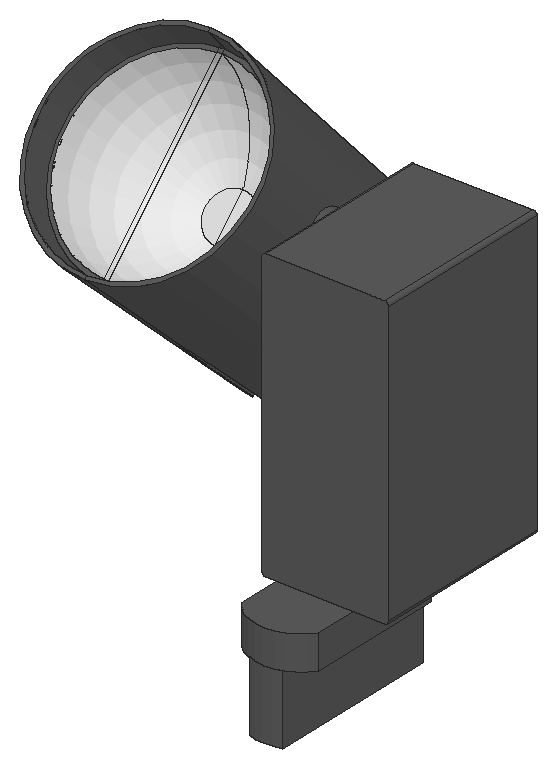
Revit family "0004898 Feilo Sylvania Lighting Fixture START TRACK SPOT S 24W 4K RA90 NB BLACK", category Lighting Fixtures, host Face, Revit 2017 (continued)
Definition of nested family "Start Track Spot Head"
  Types (96, lengths in mm): name | Wattage | built-in parameter 1150134 | Photometric Web File | Model | built-in parameter 1150105 | Lumens | built-in parameter 1150107 | built-in parameter 1150106 | HeadThickness_FEILO | HeadRibOffset_FEILO | HeadRibDepth_FEILO | HeadRibCutWidth_FEILO | HeadRibCutOffset_FEILO | HeadReflectorRadius_FEILO | HeadReflectorOffset_FEILO | HeadLEDRadius_FEILO | HeadHeight_FEILO | HeadDiffusorOffset_FEILO | HeadDiaOut_FEILO | HeadDiaIn_FEILO | HeadAxisFromTop_FEILO | Emit from Circle Diameter | built-in parameter 1150104 | Description | Apparent Load
    0004864 START TRACK SPOT S 24W 3K RA90 WB WHITE | 24 W | (empty or 0) | "0004864.ies" | "START TRACK SPOT S 24W 3K RA90 WB WHITE" | 152.79 (stored number, unit not read) | 1920 lm | 3000 (stored number, unit not read) | 1.5279 (stored number, unit not read) | 1.5 | 4.179 | 55.714 | 7.167 | 50.87 | 50.588 | 55.714 | 9.556 | 117 | 9.435 | 86 | 77.477 | 69.354 | 77.477 | 7.4322 (stored number, unit not read) | "Integrated LED spotlight, Textured White - RAL9016, compact and minimalist design, ideal for retail applications, die-cast aluminium body, passive cooling heatsink. Beam angle: 64°, color temperature: 3000K , total system power: 24W, total fixture output: 1928 lm, LOR: 100%, colour rendering: Ra: 90 typical, LED Chromaticity: 3 step MacAdam ellipse, lifetime: >50000 hours at L70B50, energy class: A++, A+, A, IR/UV free light source without heat radiation, operating voltage: 220-240V / 50-60Hz, drive current: 600mA, electronic driver, non-dimmable, power factor: 0.95, electrical protection: Class II, Global Track 3 Phase adapter suitable for Global trac 3-circuit tracks, ingress protection rating: IP20, suitable for internal environment only, horizontal rotation: 355°, vertical tilt: 90°, dimensions: Ø86x140x200, weight: 0.966kg." | 24 VA
    0004863 START TRACK SPOT S 24W 3K RA90 MB WHITE | 24 W | (empty or 0) | "0004863.ies" | "START TRACK SPOT S 24W 3K RA90 MB WHITE" | 154.7 (stored number, unit not read) | 1944 lm | 3000 (stored number, unit not read) | 1.547 (stored number, unit not read) | 1.5 | 4.179 | 55.714 | 7.167 | 50.87 | 50.588 | 55.714 | 9.556 | 117 | 9.435 | 86 | 77.477 | 69.354 | 77.477 | 7.5251 (stored number, unit not read) | "Integrated LED spotlight, Textured White - RAL9016, compact and minimalist design, ideal for retail applications, die-cast aluminium body, passive cooling heatsink. Beam angle: 36°, color temperature: 3000K , total system power: 24W, total fixture output: 1944 lm, LOR: 100%, colour rendering: Ra: 90 typical, LED Chromaticity: 3 step MacAdam ellipse, lifetime: >50000 hours at L70B50, energy class: A++, A+, A, IR/UV free light source without heat radiation, operating voltage: 220-240V / 50-60Hz, drive current: 600mA, electronic driver, non-dimmable, power factor: 0.95, electrical protection: Class II, Global Track 3 Phase adapter suitable for Global trac 3-circuit tracks, ingress protection rating: IP20, suitable for internal environment only, horizontal rotation: 355°, vertical tilt: 90°, dimensions: Ø86x140x200, weight: 0.966kg." | 24 VA
    0004862 START TRACK SPOT S 24W 3K RA90 NB WHITE | 24 W | (empty or 0) | "0004862.ies" | "START TRACK SPOT S 24W 3K RA90 NB WHITE" | 158.52 (stored number, unit not read) | 1992 lm | 3000 (stored number, unit not read) | 1.5852 (stored number, unit not read) | 1.5 | 4.179 | 55.714 | 7.167 | 50.87 | 50.588 | 55.714 | 9.556 | 117 | 9.435 | 86 | 77.477 | 69.354 | 77.477 | 7.711 (stored number, unit not read) | "Integrated LED spotlight, Textured White - RAL9016, compact and minimalist design, ideal for retail applications, die-cast aluminium body, passive cooling heatsink. Beam angle: 12°, color temperature: 3000K , total system power: 24W, total fixture output: 1987 lm, LOR: 100%, colour rendering: Ra: 90 typical, LED Chromaticity: 3 step MacAdam ellipse, lifetime: >50000 hours at L70B50, energy class: A++, A+, A, IR/UV free light source without heat radiation, operating voltage: 220-240V / 50-60Hz, drive current: 600mA, electronic driver, non-dimmable, power factor: 0.95, electrical protection: Class II, Global Track 3 Phase adapter suitable for Global trac 3-circuit tracks, ingress protection rating: IP20, suitable for internal environment only, horizontal rotation: 355°, vertical tilt: 90°, dimensions: Ø86x140x200, weight: 0.966kg." | 24 VA
    0004861 START TRACK SPOT S 14W 3K RA90 WB WHITE | 14 W | (empty or 0) | "0004861.ies" | "START TRACK SPOT S 14W 3K RA90 WB WHITE" | 100.27 (stored number, unit not read) | 1260 lm | 3000 (stored number, unit not read) | 1.0027 (stored number, unit not read) | 1.5 | 4.179 | 55.714 | 7.167 | 50.87 | 50.588 | 55.714 | 9.556 | 117 | 9.435 | 86 | 77.477 | 69.354 | 77.477 | 8.3613 (stored number, unit not read) | "Integrated LED spotlight, Textured White - RAL9016, compact and minimalist design, ideal for retail applications, die-cast aluminium body, passive cooling heatsink. Beam angle: 64°, color temperature: 3000K , total system power: 14W, total fixture output: 1262 lm, LOR: 100%, colour rendering: Ra: 90 typical, LED Chromaticity: 3 step MacAdam ellipse, lifetime: >50000 hours at L70B50, energy class: A++, A+, A, IR/UV free light source without heat radiation, operating voltage: 220-240V / 50-60Hz, drive current: 350mA, electronic driver, non-dimmable, power factor: 0.92, electrical protection: Class II, Global Track 3 Phase adapter suitable for Global trac 3-circuit tracks, ingress protection rating: IP20, suitable for internal environment only, horizontal rotation: 355°, vertical tilt: 90°, dimensions: Ø86x140x200, weight: 0.940kg." | 14 VA
    0004860 START TRACK SPOT S 14W 3K RA90 MB WHITE | 14 W | (empty or 0) | "0004860.ies" | "START TRACK SPOT S 14W 3K RA90 MB WHITE" | 100.27 (stored number, unit not read) | 1260 lm | 3000 (stored number, unit not read) | 1.0027 (stored number, unit not read) | 1.5 | 4.179 | 55.714 | 7.167 | 50.87 | 50.588 | 55.714 | 9.556 | 117 | 9.435 | 86 | 77.477 | 69.354 | 77.477 | 8.3613 (stored number, unit not read) | "Integrated LED spotlight, Textured White - RAL9016, compact and minimalist design, ideal for retail applications, die-cast aluminium body, passive cooling heatsink. Beam angle: 36°, color temperature: 3000K , total system power: 14W, total fixture output: 1262 lm, LOR: 100%, colour rendering: Ra: 90 typical, LED Chromaticity: 3 step MacAdam ellipse, lifetime: >50000 hours at L70B50, energy class: A++, A+, A, IR/UV free light source without heat radiation, operating voltage: 220-240V / 50-60Hz, drive current: 350mA, electronic driver, non-dimmable, power factor: 0.92, electrical protection: Class II, Global Track 3 Phase adapter suitable for Global trac 3-circuit tracks, ingress protection rating: IP20, suitable for internal environment only, horizontal rotation: 355°, vertical tilt: 90°, dimensions: Ø86x140x200, weight: 0.940kg." | 14 VA
    0004859 START TRACK SPOT S 14W 3K RA90 NB WHITE | 14 W | (empty or 0) | "0004859.ies" | "START TRACK SPOT S 14W 3K RA90 NB WHITE" | 102.5 (stored number, unit not read) | 1288 lm | 3000 (stored number, unit not read) | 1.025 (stored number, unit not read) | 1.5 | 4.179 | 55.714 | 7.167 | 50.87 | 50.588 | 55.714 | 9.556 | 117 | 9.435 | 86 | 77.477 | 69.354 | 77.477 | 8.5471 (stored number, unit not read) | "Integrated LED spotlight, Textured White - RAL9016, compact and minimalist design, ideal for retail applications, die-cast aluminium body, passive cooling heatsink. Beam angle: 12°, color temperature: 3000K , total system power: 14W, total fixture output: 1284 lm, LOR: 100%, colour rendering: Ra: 90 typical, LED Chromaticity: 3 step MacAdam ellipse, lifetime: >50000 hours at L70B50, energy class: A++, A+, A, IR/UV free light source without heat radiation, operating voltage: 220-240V / 50-60Hz, drive current: 350mA, electronic driver, non-dimmable, power factor: 0.92, electrical protection: Class II, Global Track 3 Phase adapter suitable for Global trac 3-circuit tracks, ingress protection rating: IP20, suitable for internal environment only, horizontal rotation: 355°, vertical tilt: 90°, dimensions: Ø86x140x200, weight: 0.940kg." | 14 VA
    0004858 START TRACK SPOT L 55W 4K RA80 WB BLACK | 55 W | 12 | "0004858.ies" | "START TRACK SPOT L 55W 4K RA80 WB BLACK" | 424.55 (stored number, unit not read) | 5335 lm | 4000 (stored number, unit not read) | 4.2455 (stored number, unit not read) | 2 | 4.429 | 59.048 | 9.417 | 53.913 | 66.471 | 59.048 | 12.556 | 124 | 10 | 113 | 101.802 | 73.503 | 101.802 | 9.0116 (stored number, unit not read) | "Integrated LED spotlight, Textured Black - RAL9005, compact and minimalist design, ideal for retail applications, die-cast aluminium body, passive cooling heatsink. Beam angle: 52°, color temperature: 4000K , total system power: 55W, total fixture output: 5320 lm, LOR: 100%, colour rendering: Ra: 80 typical, LED Chromaticity: 3 step MacAdam ellipse, lifetime: >50000 hours at L70B50, energy class: A++, A+, A, IR/UV free light source without heat radiation, operating voltage: 220-240V / 50-60Hz, drive current: 1400mA, electronic driver, non-dimmable, power factor: 0.96, electrical protection: Class II, Global Track 3 Phase adapter suitable for Global trac 3-circuit tracks, ingress protection rating: IP20, suitable for internal environment only, horizontal rotation: 355°, vertical tilt: 90°, dimensions: Ø113x164x240, weight: 1.398kg." | 55 VA
    0004857 START TRACK SPOT L 55W 4K RA80 MB BLACK | 55 W | 12 | "0004857.ies" | "START TRACK SPOT L 55W 4K RA80 MB BLACK" | 428.92 (stored number, unit not read) | 5390 lm | 4000 (stored number, unit not read) | 4.2892 (stored number, unit not read) | 2 | 4.429 | 59.048 | 9.417 | 53.913 | 66.471 | 59.048 | 12.556 | 124 | 10 | 113 | 101.802 | 73.503 | 101.802 | 9.1045 (stored number, unit not read) | "Integrated LED spotlight, Textured Black - RAL9005, compact and minimalist design, ideal for retail applications, die-cast aluminium body, passive cooling heatsink. Beam angle: 38°, color temperature: 4000K , total system power: 55W, total fixture output: 5378 lm, LOR: 100%, colour rendering: Ra: 80 typical, LED Chromaticity: 3 step MacAdam ellipse, lifetime: >50000 hours at L70B50, energy class: A++, A+, A, IR/UV free light source without heat radiation, operating voltage: 220-240V / 50-60Hz, drive current: 1400mA, electronic driver, non-dimmable, power factor: 0.96, electrical protection: Class II, Global Track 3 Phase adapter suitable for Global trac 3-circuit tracks, ingress protection rating: IP20, suitable for internal environment only, horizontal rotation: 355°, vertical tilt: 90°, dimensions: Ø113x164x240, weight: 1.398kg." | 55 VA
    0004856 START TRACK SPOT L 55W 4K RA80 NB BLACK | 55 W | 12 | "0004856.ies" | "START TRACK SPOT L 55W 4K RA80 NB BLACK" | 433.3 (stored number, unit not read) | 5445 lm | 4000 (stored number, unit not read) | 4.333 (stored number, unit not read) | 2 | 4.429 | 59.048 | 9.417 | 53.913 | 66.471 | 59.048 | 12.556 | 124 | 10 | 113 | 101.802 | 73.503 | 101.802 | 9.1974 (stored number, unit not read) | "Integrated LED spotlight, Textured Black - RAL9005, compact and minimalist design, ideal for retail applications, die-cast aluminium body, passive cooling heatsink. Beam angle: 15°, color temperature: 4000K , total system power: 55W, total fixture output: 5426 lm, LOR: 100%, colour rendering: Ra: 80 typical, LED Chromaticity: 3 step MacAdam ellipse, lifetime: >50000 hours at L70B50, energy class: A++, A+, A, IR/UV free light source without heat radiation, operating voltage: 220-240V / 50-60Hz, drive current: 1400mA, electronic driver, non-dimmable, power factor: 0.96, electrical protection: Class II, Global Track 3 Phase adapter suitable for Global trac 3-circuit tracks, ingress protection rating: IP20, suitable for internal environment only, horizontal rotation: 355°, vertical tilt: 90°, dimensions: Ø113x164x240, weight: 1.398kg." | 55 VA
    0004855 START TRACK SPOT L 35W 4K RA80 WB BLACK | 35 W | 12 | "0004855.ies" | "START TRACK SPOT L 35W 4K RA80 WB BLACK" | 320.3 (stored number, unit not read) | 4025 lm | 4000 (stored number, unit not read) | 3.203 (stored number, unit not read) | 2 | 4.429 | 59.048 | 9.417 | 53.913 | 66.471 | 59.048 | 12.556 | 124 | 10 | 113 | 101.802 | 73.503 | 101.802 | 10.684 (stored number, unit not read) | "Integrated LED spotlight, Textured Black - RAL9005, compact and minimalist design, ideal for retail applications, die-cast aluminium body, passive cooling heatsink. Beam angle: 52°, color temperature: 4000K , total system power: 35W, total fixture output: 4010 lm, LOR: 100%, colour rendering: Ra: 80 typical, LED Chromaticity: 3 step MacAdam ellipse, lifetime: >50000 hours at L70B50, energy class: A++, A+, A, IR/UV free light source without heat radiation, operating voltage: 220-240V / 50-60Hz, drive current: 900mA, electronic driver, non-dimmable, power factor: 0.93, electrical protection: Class II, Global Track 3 Phase adapter suitable for Global trac 3-circuit tracks, ingress protection rating: IP20, suitable for internal environment only, horizontal rotation: 355°, vertical tilt: 90°, dimensions: Ø113x164x240, weight: 1.368kg." | 35 VA
    0004854 START TRACK SPOT L 35W 4K RA80 MB BLACK | 35 W | 12 | "0004854.ies" | "START TRACK SPOT L 35W 4K RA80 MB BLACK" | 320.3 (stored number, unit not read) | 4025 lm | 4000 (stored number, unit not read) | 3.203 (stored number, unit not read) | 2 | 4.429 | 59.048 | 9.417 | 53.913 | 66.471 | 59.048 | 12.556 | 124 | 10 | 113 | 101.802 | 73.503 | 101.802 | 10.684 (stored number, unit not read) | "Integrated LED spotlight, Textured Black - RAL9005, compact and minimalist design, ideal for retail applications, die-cast aluminium body, passive cooling heatsink. Beam angle: 38°, color temperature: 4000K , total system power: 35W, total fixture output: 4017 lm, LOR: 100%, colour rendering: Ra: 80 typical, LED Chromaticity: 3 step MacAdam ellipse, lifetime: >50000 hours at L70B50, energy class: A++, A+, A, IR/UV free light source without heat radiation, operating voltage: 220-240V / 50-60Hz, drive current: 900mA, electronic driver, non-dimmable, power factor: 0.93, electrical protection: Class II, Global Track 3 Phase adapter suitable for Global trac 3-circuit tracks, ingress protection rating: IP20, suitable for internal environment only, horizontal rotation: 355°, vertical tilt: 90°, dimensions: Ø113x164x240, weight: 1.368kg." | 35 VA
    0004853 START TRACK SPOT L 35W 4K RA80 NB BLACK | 35 W | 12 | "0004853.ies" | "START TRACK SPOT L 35W 4K RA80 NB BLACK" | 331.44 (stored number, unit not read) | 4165 lm | 4000 (stored number, unit not read) | 3.3144 (stored number, unit not read) | 2 | 4.429 | 59.048 | 9.417 | 53.913 | 66.471 | 59.048 | 12.556 | 124 | 10 | 113 | 101.802 | 73.503 | 101.802 | 11.055 (stored number, unit not read) | "Integrated LED spotlight, Textured Black - RAL9005, compact and minimalist design, ideal for retail applications, die-cast aluminium body, passive cooling heatsink. Beam angle: 15°, color temperature: 4000K , total system power: 35W, total fixture output: 4174 lm, LOR: 100%, colour rendering: Ra: 80 typical, LED Chromaticity: 3 step MacAdam ellipse, lifetime: >50000 hours at L70B50, energy class: A++, A+, A, IR/UV free light source without heat radiation, operating voltage: 220-240V / 50-60Hz, drive current: 900mA, electronic driver, non-dimmable, power factor: 0.93, electrical protection: Class II, Global Track 3 Phase adapter suitable for Global trac 3-circuit tracks, ingress protection rating: IP20, suitable for internal environment only, horizontal rotation: 355°, vertical tilt: 90°, dimensions: Ø113x164x240, weight: 1.368kg." | 35 VA
    0004852 START TRACK SPOT S 24W 4K RA80 WB BLACK | 24 W | 12 | "0004852.ies" | "START TRACK SPOT S 24W 4K RA80 WB BLACK" | 196.72 (stored number, unit not read) | 2472 lm | 4000 (stored number, unit not read) | 1.9672 (stored number, unit not read) | 1.5 | 4.179 | 55.714 | 7.167 | 50.87 | 50.588 | 55.714 | 9.556 | 117 | 9.435 | 86 | 77.477 | 69.354 | 77.477 | 9.569 (stored number, unit not read) | "Integrated LED spotlight, Textured Black - RAL9005, compact and minimalist design, ideal for retail applications, die-cast aluminium body, passive cooling heatsink. Beam angle: 64°, color temperature: 4000K , total system power: 24W, total fixture output: 2476 lm, LOR: 100%, colour rendering: Ra: 80 typical, LED Chromaticity: 3 step MacAdam ellipse, lifetime: >50000 hours at L70B50, energy class: A++, A+, A, IR/UV free light source without heat radiation, operating voltage: 220-240V / 50-60Hz, drive current: 600mA, electronic driver, non-dimmable, power factor: 0.95, electrical protection: Class II, Global Track 3 Phase adapter suitable for Global trac 3-circuit tracks, ingress protection rating: IP20, suitable for internal environment only, horizontal rotation: 355°, vertical tilt: 90°, dimensions: Ø86x140x200, weight: 0.966kg." | 24 VA
    0004851 START TRACK SPOT S 24W 4K RA80 MB BLACK | 24 W | 12 | "0004851.ies" | "START TRACK SPOT S 24W 4K RA80 MB BLACK" | 198.63 (stored number, unit not read) | 2496 lm | 4000 (stored number, unit not read) | 1.9863 (stored number, unit not read) | 1.5 | 4.179 | 55.714 | 7.167 | 50.87 | 50.588 | 55.714 | 9.556 | 117 | 9.435 | 86 | 77.477 | 69.354 | 77.477 | 9.6619 (stored number, unit not read) | "Integrated LED spotlight, Textured Black - RAL9005, compact and minimalist design, ideal for retail applications, die-cast aluminium body, passive cooling heatsink. Beam angle: 36°, color temperature: 4000K , total system power: 24W, total fixture output: 2487 lm, LOR: 100%, colour rendering: Ra: 80 typical, LED Chromaticity: 3 step MacAdam ellipse, lifetime: >50000 hours at L70B50, energy class: A++, A+, A, IR/UV free light source without heat radiation, operating voltage: 220-240V / 50-60Hz, drive current: 600mA, electronic driver, non-dimmable, power factor: 0.95, electrical protection: Class II, Global Track 3 Phase adapter suitable for Global trac 3-circuit tracks, ingress protection rating: IP20, suitable for internal environment only, horizontal rotation: 355°, vertical tilt: 90°, dimensions: Ø86x140x200, weight: 0.966kg." | 24 VA
    0004850 START TRACK SPOT S 24W 4K RA80 NB BLACK | 24 W | 12 | "0004850.ies" | "START TRACK SPOT S 24W 4K RA80 NB BLACK" | 200.54 (stored number, unit not read) | 2520 lm | 4000 (stored number, unit not read) | 2.0054 (stored number, unit not read) | 1.5 | 4.179 | 55.714 | 7.167 | 50.87 | 50.588 | 55.714 | 9.556 | 117 | 9.435 | 86 | 77.477 | 69.354 | 77.477 | 9.7548 (stored number, unit not read) | "Integrated LED spotlight, Textured Black - RAL9005, compact and minimalist design, ideal for retail applications, die-cast aluminium body, passive cooling heatsink. Beam angle: 12°, color temperature: 4000K , total system power: 24W, total fixture output: 2529 lm, LOR: 100%, colour rendering: Ra: 80 typical, LED Chromaticity: 3 step MacAdam ellipse, lifetime: >50000 hours at L70B50, energy class: A++, A+, A, IR/UV free light source without heat radiation, operating voltage: 220-240V / 50-60Hz, drive current: 600mA, electronic driver, non-dimmable, power factor: 0.95, electrical protection: Class II, Global Track 3 Phase adapter suitable for Global trac 3-circuit tracks, ingress protection rating: IP20, suitable for internal environment only, horizontal rotation: 355°, vertical tilt: 90°, dimensions: Ø86x140x200, weight: 0.966kg." | 24 VA
    0004849 START TRACK SPOT S 14W 4K RA80 WB BLACK | 14 W | 12 | "0004849.ies" | "START TRACK SPOT S 14W 4K RA80 WB BLACK" | 123.66 (stored number, unit not read) | 1554 lm | 4000 (stored number, unit not read) | 1.2366 (stored number, unit not read) | 1.5 | 4.179 | 55.714 | 7.167 | 50.87 | 50.588 | 55.714 | 9.556 | 117 | 9.435 | 86 | 77.477 | 69.354 | 77.477 | 10.312 (stored number, unit not read) | "Integrated LED spotlight, Textured Black - RAL9005, compact and minimalist design, ideal for retail applications, die-cast aluminium body, passive cooling heatsink. Beam angle: 64°, color temperature: 4000K , total system power: 14W, total fixture output: 1558 lm, LOR: 100%, colour rendering: Ra: 80 typical, LED Chromaticity: 3 step MacAdam ellipse, lifetime: >50000 hours at L70B50, energy class: A++, A+, A, IR/UV free light source without heat radiation, operating voltage: 220-240V / 50-60Hz, drive current: 350mA, electronic driver, non-dimmable, power factor: 0.92, electrical protection: Class II, Global Track 3 Phase adapter suitable for Global trac 3-circuit tracks, ingress protection rating: IP20, suitable for internal environment only, horizontal rotation: 355°, vertical tilt: 90°, dimensions: Ø86x140x200, weight: 0.940kg." | 14 VA
    0004848 START TRACK SPOT S 14W 4K RA80 MB BLACK | 14 W | 12 | "0004848.ies" | "START TRACK SPOT S 14W 4K RA80 MB BLACK" | 127.01 (stored number, unit not read) | 1596 lm | 4000 (stored number, unit not read) | 1.2701 (stored number, unit not read) | 1.5 | 4.179 | 55.714 | 7.167 | 50.87 | 50.588 | 55.714 | 9.556 | 117 | 9.435 | 86 | 77.477 | 69.354 | 77.477 | 10.591 (stored number, unit not read) | "Integrated LED spotlight, Textured Black - RAL9005, compact and minimalist design, ideal for retail applications, die-cast aluminium body, passive cooling heatsink. Beam angle: 36°, color temperature: 4000K , total system power: 14W, total fixture output: 1598 lm, LOR: 100%, colour rendering: Ra: 80 typical, LED Chromaticity: 3 step MacAdam ellipse, lifetime: >50000 hours at L70B50, energy class: A++, A+, A, IR/UV free light source without heat radiation, operating voltage: 220-240V / 50-60Hz, drive current: 350mA, electronic driver, non-dimmable, power factor: 0.92, electrical protection: Class II, Global Track 3 Phase adapter suitable for Global trac 3-circuit tracks, ingress protection rating: IP20, suitable for internal environment only, horizontal rotation: 355°, vertical tilt: 90°, dimensions: Ø86x140x200, weight: 0.940kg." | 14 VA
    0004847 START TRACK SPOT S 14W 4K RA80 NB BLACK | 14 W | 12 | "0004847.ies" | "START TRACK SPOT S 14W 4K RA80 NB BLACK" | 128.12 (stored number, unit not read) | 1610 lm | 4000 (stored number, unit not read) | 1.2812 (stored number, unit not read) | 1.5 | 4.179 | 55.714 | 7.167 | 50.87 | 50.588 | 55.714 | 9.556 | 117 | 9.435 | 86 | 77.477 | 69.354 | 77.477 | 10.684 (stored number, unit not read) | "Integrated LED spotlight, Textured Black - RAL9005, compact and minimalist design, ideal for retail applications, die-cast aluminium body, passive cooling heatsink. Beam angle: 12°, color temperature: 4000K , total system power: 14W, total fixture output: 1608 lm, LOR: 100%, colour rendering: Ra: 80 typical, LED Chromaticity: 3 step MacAdam ellipse, lifetime: >50000 hours at L70B50, energy class: A++, A+, A, IR/UV free light source without heat radiation, operating voltage: 220-240V / 50-60Hz, drive current: 350mA, electronic driver, non-dimmable, power factor: 0.92, electrical protection: Class II, Global Track 3 Phase adapter suitable for Global trac 3-circuit tracks, ingress protection rating: IP20, suitable for internal environment only, horizontal rotation: 355°, vertical tilt: 90°, dimensions: Ø86x140x200, weight: 0.940kg." | 14 VA
    0004846 START TRACK SPOT L 55W 3K RA80 WB BLACK | 55 W | (empty or 0) | "0004846.ies" | "START TRACK SPOT L 55W 3K RA80 WB BLACK" | 420.17 (stored number, unit not read) | 5280 lm | 3000 (stored number, unit not read) | 4.2017 (stored number, unit not read) | 2 | 4.429 | 59.048 | 9.417 | 53.913 | 66.471 | 59.048 | 12.556 | 124 | 10 | 113 | 101.802 | 73.503 | 101.802 | 8.9187 (stored number, unit not read) | "Integrated LED spotlight, Textured Black - RAL9005, compact and minimalist design, ideal for retail applications, die-cast aluminium body, passive cooling heatsink. Beam angle: 52°, color temperature: 3000K , total system power: 55W, total fixture output: 5298 lm, LOR: 100%, colour rendering: Ra: 80 typical, LED Chromaticity: 3 step MacAdam ellipse, lifetime: >50000 hours at L70B50, energy class: A++, A+, A, IR/UV free light source without heat radiation, operating voltage: 220-240V / 50-60Hz, drive current: 1400mA, electronic driver, non-dimmable, power factor: 0.96, electrical protection: Class II, Global Track 3 Phase adapter suitable for Global trac 3-circuit tracks, ingress protection rating: IP20, suitable for internal environment only, horizontal rotation: 355°, vertical tilt: 90°, dimensions: Ø113x164x240, weight: 1.398kg." | 55 VA
    0004845 START TRACK SPOT L 55W 3K RA80 MB BLACK | 55 W | (empty or 0) | "0004845.ies" | "START TRACK SPOT L 55W 3K RA80 MB BLACK" | 428.92 (stored number, unit not read) | 5390 lm | 3000 (stored number, unit not read) | 4.2892 (stored number, unit not read) | 2 | 4.429 | 59.048 | 9.417 | 53.913 | 66.471 | 59.048 | 12.556 | 124 | 10 | 113 | 101.802 | 73.503 | 101.802 | 9.1045 (stored number, unit not read) | "Integrated LED spotlight, Textured Black - RAL9005, compact and minimalist design, ideal for retail applications, die-cast aluminium body, passive cooling heatsink. Beam angle: 38°, color temperature: 3000K , total system power: 55W, total fixture output: 5381 lm, LOR: 100%, colour rendering: Ra: 80 typical, LED Chromaticity: 3 step MacAdam ellipse, lifetime: >50000 hours at L70B50, energy class: A++, A+, A, IR/UV free light source without heat radiation, operating voltage: 220-240V / 50-60Hz, drive current: 1400mA, electronic driver, non-dimmable, power factor: 0.96, electrical protection: Class II, Global Track 3 Phase adapter suitable for Global trac 3-circuit tracks, ingress protection rating: IP20, suitable for internal environment only, horizontal rotation: 355°, vertical tilt: 90°, dimensions: Ø113x164x240, weight: 1.398kg." | 55 VA
    0004844 START TRACK SPOT L 55W 3K RA80 NB BLACK | 55 W | (empty or 0) | "0004844.ies" | "START TRACK SPOT L 55W 3K RA80 NB BLACK" | 433.3 (stored number, unit not read) | 5445 lm | 3000 (stored number, unit not read) | 4.333 (stored number, unit not read) | 2 | 4.429 | 59.048 | 9.417 | 53.913 | 66.471 | 59.048 | 12.556 | 124 | 10 | 113 | 101.802 | 73.503 | 101.802 | 9.1974 (stored number, unit not read) | "Integrated LED spotlight, Textured Black - RAL9005, compact and minimalist design, ideal for retail applications, die-cast aluminium body, passive cooling heatsink. Beam angle: 15°, color temperature: 3000K , total system power: 55W, total fixture output: 5449 lm, LOR: 100%, colour rendering: Ra: 80 typical, LED Chromaticity: 3 step MacAdam ellipse, lifetime: >50000 hours at L70B50, energy class: A++, A+, A, IR/UV free light source without heat radiation, operating voltage: 220-240V / 50-60Hz, drive current: 1400mA, electronic driver, non-dimmable, power factor: 0.96, electrical protection: Class II, Global Track 3 Phase adapter suitable for Global trac 3-circuit tracks, ingress protection rating: IP20, suitable for internal environment only, horizontal rotation: 355°, vertical tilt: 90°, dimensions: Ø113x164x240, weight: 1.398kg." | 55 VA
    0004843 START TRACK SPOT L 35W 3K RA80 WB BLACK | 35 W | (empty or 0) | "0004843.ies" | "START TRACK SPOT L 35W 3K RA80 WB BLACK" | 314.73 (stored number, unit not read) | 3955 lm | 3000 (stored number, unit not read) | 3.1473 (stored number, unit not read) | 2 | 4.429 | 59.048 | 9.417 | 53.913 | 66.471 | 59.048 | 12.556 | 124 | 10 | 113 | 101.802 | 73.503 | 101.802 | 10.498 (stored number, unit not read) | "Integrated LED spotlight, Textured Black - RAL9005, compact and minimalist design, ideal for retail applications, die-cast aluminium body, passive cooling heatsink. Beam angle: 52°, color temperature: 3000K , total system power: 35W, total fixture output: 3943 lm, LOR: 100%, colour rendering: Ra: 80 typical, LED Chromaticity: 3 step MacAdam ellipse, lifetime: >50000 hours at L70B50, energy class: A++, A+, A, IR/UV free light source without heat radiation, operating voltage: 220-240V / 50-60Hz, drive current: 900mA, electronic driver, non-dimmable, power factor: 0.93, electrical protection: Class II, Global Track 3 Phase adapter suitable for Global trac 3-circuit tracks, ingress protection rating: IP20, suitable for internal environment only, horizontal rotation: 355°, vertical tilt: 90°, dimensions: Ø113x164x240, weight: 1.368kg." | 35 VA
    0004842 START TRACK SPOT L 35W 3K RA80 MB BLACK | 35 W | (empty or 0) | "0004842.ies" | "START TRACK SPOT L 35W 3K RA80 MB BLACK" | 320.3 (stored number, unit not read) | 4025 lm | 3000 (stored number, unit not read) | 3.203 (stored number, unit not read) | 2 | 4.429 | 59.048 | 9.417 | 53.913 | 66.471 | 59.048 | 12.556 | 124 | 10 | 113 | 101.802 | 73.503 | 101.802 | 10.684 (stored number, unit not read) | "Integrated LED spotlight, Textured Black - RAL9005, compact and minimalist design, ideal for retail applications, die-cast aluminium body, passive cooling heatsink. Beam angle: 38°, color temperature: 3000K , total system power: 35W, total fixture output: 4008 lm, LOR: 100%, colour rendering: Ra: 80 typical, LED Chromaticity: 3 step MacAdam ellipse, lifetime: >50000 hours at L70B50, energy class: A++, A+, A, IR/UV free light source without heat radiation, operating voltage: 220-240V / 50-60Hz, drive current: 900mA, electronic driver, non-dimmable, power factor: 0.93, electrical protection: Class II, Global Track 3 Phase adapter suitable for Global trac 3-circuit tracks, ingress protection rating: IP20, suitable for internal environment only, horizontal rotation: 355°, vertical tilt: 90°, dimensions: Ø113x164x240, weight: 1.368kg." | 35 VA
    0004841 START TRACK SPOT L 35W 3K RA80 NB BLACK | 35 W | (empty or 0) | "0004841.ies" | "START TRACK SPOT L 35W 3K RA80 NB BLACK" | 317.51 (stored number, unit not read) | 3990 lm | 3000 (stored number, unit not read) | 3.1751 (stored number, unit not read) | 2 | 4.429 | 59.048 | 9.417 | 53.913 | 66.471 | 59.048 | 12.556 | 124 | 10 | 113 | 101.802 | 73.503 | 101.802 | 10.591 (stored number, unit not read) | "Integrated LED spotlight, Textured Black - RAL9005, compact and minimalist design, ideal for retail applications, die-cast aluminium body, passive cooling heatsink. Beam angle: 15°, color temperature: 3000K , total system power: 35W, total fixture output: 4005 lm, LOR: 100%, colour rendering: Ra: 80 typical, LED Chromaticity: 3 step MacAdam ellipse, lifetime: >50000 hours at L70B50, energy class: A++, A+, A, IR/UV free light source without heat radiation, operating voltage: 220-240V / 50-60Hz, drive current: 900mA, electronic driver, non-dimmable, power factor: 0.93, electrical protection: Class II, Global Track 3 Phase adapter suitable for Global trac 3-circuit tracks, ingress protection rating: IP20, suitable for internal environment only, horizontal rotation: 355°, vertical tilt: 90°, dimensions: Ø113x164x240, weight: 1.368kg." | 35 VA
    0004840 START TRACK SPOT S 24W 3K RA80 WB BLACK | 24 W | (empty or 0) | "0004840.ies" | "START TRACK SPOT S 24W 3K RA80 WB BLACK" | 185.26 (stored number, unit not read) | 2328 lm | 3000 (stored number, unit not read) | 1.8526 (stored number, unit not read) | 1.5 | 4.179 | 55.714 | 7.167 | 50.87 | 50.588 | 55.714 | 9.556 | 117 | 9.435 | 86 | 77.477 | 69.354 | 77.477 | 9.0116 (stored number, unit not read) | "Integrated LED spotlight, Textured Black - RAL9005, compact and minimalist design, ideal for retail applications, die-cast aluminium body, passive cooling heatsink. Beam angle: 64°, color temperature: 3000K , total system power: 24W, total fixture output: 2318 lm, LOR: 100%, colour rendering: Ra: 80 typical, LED Chromaticity: 3 step MacAdam ellipse, lifetime: >50000 hours at L70B50, energy class: A++, A+, A, IR/UV free light source without heat radiation, operating voltage: 220-240V / 50-60Hz, drive current: 600mA, electronic driver, non-dimmable, power factor: 0.95, electrical protection: Class II, Global Track 3 Phase adapter suitable for Global trac 3-circuit tracks, ingress protection rating: IP20, suitable for internal environment only, horizontal rotation: 355°, vertical tilt: 90°, dimensions: Ø86x140x200, weight: 0.966kg." | 24 VA
    0004839 START TRACK SPOT S 24W 3K RA80 MB BLACK | 24 W | (empty or 0) | "0004839.ies" | "START TRACK SPOT S 24W 3K RA80 MB BLACK" | 183.35 (stored number, unit not read) | 2304 lm | 3000 (stored number, unit not read) | 1.8335 (stored number, unit not read) | 1.5 | 4.179 | 55.714 | 7.167 | 50.87 | 50.588 | 55.714 | 9.556 | 117 | 9.435 | 86 | 77.477 | 69.354 | 77.477 | 8.9187 (stored number, unit not read) | "Integrated LED spotlight, Textured Black - RAL9005, compact and minimalist design, ideal for retail applications, die-cast aluminium body, passive cooling heatsink. Beam angle: 36°, color temperature: 3000K , total system power: 24W, total fixture output: 2314 lm, LOR: 100%, colour rendering: Ra: 80 typical, LED Chromaticity: 3 step MacAdam ellipse, lifetime: >50000 hours at L70B50, energy class: A++, A+, A, IR/UV free light source without heat radiation, operating voltage: 220-240V / 50-60Hz, drive current: 600mA, electronic driver, non-dimmable, power factor: 0.95, electrical protection: Class II, Global Track 3 Phase adapter suitable for Global trac 3-circuit tracks, ingress protection rating: IP20, suitable for internal environment only, horizontal rotation: 355°, vertical tilt: 90°, dimensions: Ø86x140x200, weight: 0.966kg." | 24 VA
    0004838 START TRACK SPOT S 24W 3K RA80 NB BLACK | 24 W | (empty or 0) | "0004838.ies" | "START TRACK SPOT S 24W 3K RA80 NB BLACK" | 185.26 (stored number, unit not read) | 2328 lm | 3000 (stored number, unit not read) | 1.8526 (stored number, unit not read) | 1.5 | 4.179 | 55.714 | 7.167 | 50.87 | 50.588 | 55.714 | 9.556 | 117 | 9.435 | 86 | 77.477 | 69.354 | 77.477 | 9.0116 (stored number, unit not read) | "Integrated LED spotlight, Textured Black - RAL9005, compact and minimalist design, ideal for retail applications, die-cast aluminium body, passive cooling heatsink. Beam angle: 12°, color temperature: 3000K , total system power: 24W, total fixture output: 2334 lm, LOR: 100%, colour rendering: Ra: 80 typical, LED Chromaticity: 3 step MacAdam ellipse, lifetime: >50000 hours at L70B50, energy class: A++, A+, A, IR/UV free light source without heat radiation, operating voltage: 220-240V / 50-60Hz, drive current: 600mA, electronic driver, non-dimmable, power factor: 0.95, electrical protection: Class II, Global Track 3 Phase adapter suitable for Global trac 3-circuit tracks, ingress protection rating: IP20, suitable for internal environment only, horizontal rotation: 355°, vertical tilt: 90°, dimensions: Ø86x140x200, weight: 0.966kg." | 24 VA
    0004837 START TRACK SPOT S 14W 3K RA80 WB BLACK | 14 W | (empty or 0) | "0004837.ies" | "START TRACK SPOT S 14W 3K RA80 WB BLACK" | 119.21 (stored number, unit not read) | 1498 lm | 3000 (stored number, unit not read) | 1.1921 (stored number, unit not read) | 1.5 | 4.179 | 55.714 | 7.167 | 50.87 | 50.588 | 55.714 | 9.556 | 117 | 9.435 | 86 | 77.477 | 69.354 | 77.477 | 9.9406 (stored number, unit not read) | "Integrated LED spotlight, Textured Black - RAL9005, compact and minimalist design, ideal for retail applications, die-cast aluminium body, passive cooling heatsink. Beam angle: 64°, color temperature: 3000K , total system power: 14W, total fixture output: 1498 lm, LOR: 100%, colour rendering: Ra: 80 typical, LED Chromaticity: 3 step MacAdam ellipse, lifetime: >50000 hours at L70B50, energy class: A++, A+, A, IR/UV free light source without heat radiation, operating voltage: 220-240V / 50-60Hz, drive current: 350mA, electronic driver, non-dimmable, power factor: 0.92, electrical protection: Class II, Global Track 3 Phase adapter suitable for Global trac 3-circuit tracks, ingress protection rating: IP20, suitable for internal environment only, horizontal rotation: 355°, vertical tilt: 90°, dimensions: Ø86x140x200, weight: 0.940kg." | 14 VA
    0004836 START TRACK SPOT S 14W 3K RA80 MB BLACK | 14 W | (empty or 0) | "0004836.ies" | "START TRACK SPOT S 14W 3K RA80 MB BLACK" | 120.32 (stored number, unit not read) | 1512 lm | 3000 (stored number, unit not read) | 1.2032 (stored number, unit not read) | 1.5 | 4.179 | 55.714 | 7.167 | 50.87 | 50.588 | 55.714 | 9.556 | 117 | 9.435 | 86 | 77.477 | 69.354 | 77.477 | 10.034 (stored number, unit not read) | "Integrated LED spotlight, Textured Black - RAL9005, compact and minimalist design, ideal for retail applications, die-cast aluminium body, passive cooling heatsink. Beam angle: 36°, color temperature: 3000K , total system power: 14W, total fixture output: 1508 lm, LOR: 100%, colour rendering: Ra: 80 typical, LED Chromaticity: 3 step MacAdam ellipse, lifetime: >50000 hours at L70B50, energy class: A++, A+, A, IR/UV free light source without heat radiation, operating voltage: 220-240V / 50-60Hz, drive current: 350mA, electronic driver, non-dimmable, power factor: 0.92, electrical protection: Class II, Global Track 3 Phase adapter suitable for Global trac 3-circuit tracks, ingress protection rating: IP20, suitable for internal environment only, horizontal rotation: 355°, vertical tilt: 90°, dimensions: Ø86x140x200, weight: 0.940kg." | 14 VA
    0004835 START TRACK SPOT S 14W 3K RA80 NB BLACK | 14 W | (empty or 0) | "0004835.ies" | "START TRACK SPOT S 14W 3K RA80 NB BLACK" | 123.66 (stored number, unit not read) | 1554 lm | 3000 (stored number, unit not read) | 1.2366 (stored number, unit not read) | 1.5 | 4.179 | 55.714 | 7.167 | 50.87 | 50.588 | 55.714 | 9.556 | 117 | 9.435 | 86 | 77.477 | 69.354 | 77.477 | 10.312 (stored number, unit not read) | "Integrated LED spotlight, Textured Black - RAL9005, compact and minimalist design, ideal for retail applications, die-cast aluminium body, passive cooling heatsink. Beam angle: 12°, color temperature: 3000K , total system power: 14W, total fixture output: 1551 lm, LOR: 100%, colour rendering: Ra: 80 typical, LED Chromaticity: 3 step MacAdam ellipse, lifetime: >50000 hours at L70B50, energy class: A++, A+, A, IR/UV free light source without heat radiation, operating voltage: 220-240V / 50-60Hz, drive current: 350mA, electronic driver, non-dimmable, power factor: 0.92, electrical protection: Class II, Global Track 3 Phase adapter suitable for Global trac 3-circuit tracks, ingress protection rating: IP20, suitable for internal environment only, horizontal rotation: 355°, vertical tilt: 90°, dimensions: Ø86x140x200, weight: 0.940kg." | 14 VA
    0004834 START TRACK SPOT L 55W 4K RA80 WB WHITE | 55 W | 12 | "0004834.ies" | "START TRACK SPOT L 55W 4K RA80 WB WHITE" | 424.55 (stored number, unit not read) | 5335 lm | 4000 (stored number, unit not read) | 4.2455 (stored number, unit not read) | 2 | 4.429 | 59.048 | 9.417 | 53.913 | 66.471 | 59.048 | 12.556 | 124 | 10 | 113 | 101.802 | 73.503 | 101.802 | 9.0116 (stored number, unit not read) | "Integrated LED spotlight, Textured White - RAL9016, compact and minimalist design, ideal for retail applications, die-cast aluminium body, passive cooling heatsink. Beam angle: 52°, color temperature: 4000K , total system power: 55W, total fixture output: 5320 lm, LOR: 100%, colour rendering: Ra: 80 typical, LED Chromaticity: 3 step MacAdam ellipse, lifetime: >50000 hours at L70B50, energy class: A++, A+, A, IR/UV free light source without heat radiation, operating voltage: 220-240V / 50-60Hz, drive current: 1400mA, electronic driver, non-dimmable, power factor: 0.96, electrical protection: Class II, Global Track 3 Phase adapter suitable for Global trac 3-circuit tracks, ingress protection rating: IP20, suitable for internal environment only, horizontal rotation: 355°, vertical tilt: 90°, dimensions: Ø113x164x240, weight: 1.398kg." | 55 VA
    0004833 START TRACK SPOT L 55W 4K RA80 MB WHITE | 55 W | 12 | "0004833.ies" | "START TRACK SPOT L 55W 4K RA80 MB WHITE" | 428.92 (stored number, unit not read) | 5390 lm | 4000 (stored number, unit not read) | 4.2892 (stored number, unit not read) | 2 | 4.429 | 59.048 | 9.417 | 53.913 | 66.471 | 59.048 | 12.556 | 124 | 10 | 113 | 101.802 | 73.503 | 101.802 | 9.1045 (stored number, unit not read) | "Integrated LED spotlight, Textured White - RAL9016, compact and minimalist design, ideal for retail applications, die-cast aluminium body, passive cooling heatsink. Beam angle: 38°, color temperature: 4000K , total system power: 55W, total fixture output: 5378 lm, LOR: 100%, colour rendering: Ra: 80 typical, LED Chromaticity: 3 step MacAdam ellipse, lifetime: >50000 hours at L70B50, energy class: A++, A+, A, IR/UV free light source without heat radiation, operating voltage: 220-240V / 50-60Hz, drive current: 1400mA, electronic driver, non-dimmable, power factor: 0.96, electrical protection: Class II, Global Track 3 Phase adapter suitable for Global trac 3-circuit tracks, ingress protection rating: IP20, suitable for internal environment only, horizontal rotation: 355°, vertical tilt: 90°, dimensions: Ø113x164x240, weight: 1.398kg." | 55 VA
    0004832 START TRACK SPOT L 55W 4K RA80 NB WHITE | 55 W | 12 | "0004832.ies" | "START TRACK SPOT L 55W 4K RA80 NB WHITE" | 433.3 (stored number, unit not read) | 5445 lm | 4000 (stored number, unit not read) | 4.333 (stored number, unit not read) | 2 | 4.429 | 59.048 | 9.417 | 53.913 | 66.471 | 59.048 | 12.556 | 124 | 10 | 113 | 101.802 | 73.503 | 101.802 | 9.1974 (stored number, unit not read) | "Integrated LED spotlight, Textured White - RAL9016, compact and minimalist design, ideal for retail applications, die-cast aluminium body, passive cooling heatsink. Beam angle: 15°, color temperature: 4000K , total system power: 55W, total fixture output: 5426 lm, LOR: 100%, colour rendering: Ra: 80 typical, LED Chromaticity: 3 step MacAdam ellipse, lifetime: >50000 hours at L70B50, energy class: A++, A+, A, IR/UV free light source without heat radiation, operating voltage: 220-240V / 50-60Hz, drive current: 1400mA, electronic driver, non-dimmable, power factor: 0.96, electrical protection: Class II, Global Track 3 Phase adapter suitable for Global trac 3-circuit tracks, ingress protection rating: IP20, suitable for internal environment only, horizontal rotation: 355°, vertical tilt: 90°, dimensions: Ø113x164x240, weight: 1.398kg." | 55 VA
    0004831 START TRACK SPOT L 35W 4K RA80 WB WHITE | 35 W | 12 | "0004831.ies" | "START TRACK SPOT L 35W 4K RA80 WB WHITE" | 320.3 (stored number, unit not read) | 4025 lm | 4000 (stored number, unit not read) | 3.203 (stored number, unit not read) | 2 | 4.429 | 59.048 | 9.417 | 53.913 | 66.471 | 59.048 | 12.556 | 124 | 10 | 113 | 101.802 | 73.503 | 101.802 | 10.684 (stored number, unit not read) | "Integrated LED spotlight, Textured White - RAL9016, compact and minimalist design, ideal for retail applications, die-cast aluminium body, passive cooling heatsink. Beam angle: 52°, color temperature: 4000K , total system power: 35W, total fixture output: 4010 lm, LOR: 100%, colour rendering: Ra: 80 typical, LED Chromaticity: 3 step MacAdam ellipse, lifetime: >50000 hours at L70B50, energy class: A++, A+, A, IR/UV free light source without heat radiation, operating voltage: 220-240V / 50-60Hz, drive current: 900mA, electronic driver, non-dimmable, power factor: 0.93, electrical protection: Class II, Global Track 3 Phase adapter suitable for Global trac 3-circuit tracks, ingress protection rating: IP20, suitable for internal environment only, horizontal rotation: 355°, vertical tilt: 90°, dimensions: Ø113x164x240, weight: 1.368kg." | 35 VA
    0004830 START TRACK SPOT L 35W 4K RA80 MB WHITE | 35 W | 12 | "0004830.ies" | "START TRACK SPOT L 35W 4K RA80 MB WHITE" | 320.3 (stored number, unit not read) | 4025 lm | 4000 (stored number, unit not read) | 3.203 (stored number, unit not read) | 2 | 4.429 | 59.048 | 9.417 | 53.913 | 66.471 | 59.048 | 12.556 | 124 | 10 | 113 | 101.802 | 73.503 | 101.802 | 10.684 (stored number, unit not read) | "Integrated LED spotlight, Textured White - RAL9016, compact and minimalist design, ideal for retail applications, die-cast aluminium body, passive cooling heatsink. Beam angle: 38°, color temperature: 4000K , total system power: 35W, total fixture output: 4017 lm, LOR: 100%, colour rendering: Ra: 80 typical, LED Chromaticity: 3 step MacAdam ellipse, lifetime: >50000 hours at L70B50, energy class: A++, A+, A, IR/UV free light source without heat radiation, operating voltage: 220-240V / 50-60Hz, drive current: 900mA, electronic driver, non-dimmable, power factor: 0.93, electrical protection: Class II, Global Track 3 Phase adapter suitable for Global trac 3-circuit tracks, ingress protection rating: IP20, suitable for internal environment only, horizontal rotation: 355°, vertical tilt: 90°, dimensions: Ø113x164x240, weight: 1.368kg." | 35 VA
    0004829 START TRACK SPOT L 35W 4K RA80 NB WHITE | 35 W | 12 | "0004829.ies" | "START TRACK SPOT L 35W 4K RA80 NB WHITE" | 331.44 (stored number, unit not read) | 4165 lm | 4000 (stored number, unit not read) | 3.3144 (stored number, unit not read) | 2 | 4.429 | 59.048 | 9.417 | 53.913 | 66.471 | 59.048 | 12.556 | 124 | 10 | 113 | 101.802 | 73.503 | 101.802 | 11.055 (stored number, unit not read) | "Integrated LED spotlight, Textured White - RAL9016, compact and minimalist design, ideal for retail applications, die-cast aluminium body, passive cooling heatsink. Beam angle: 15°, color temperature: 4000K , total system power: 35W, total fixture output: 4174 lm, LOR: 100%, colour rendering: Ra: 80 typical, LED Chromaticity: 3 step MacAdam ellipse, lifetime: >50000 hours at L70B50, energy class: A++, A+, A, IR/UV free light source without heat radiation, operating voltage: 220-240V / 50-60Hz, drive current: 900mA, electronic driver, non-dimmable, power factor: 0.93, electrical protection: Class II, Global Track 3 Phase adapter suitable for Global trac 3-circuit tracks, ingress protection rating: IP20, suitable for internal environment only, horizontal rotation: 355°, vertical tilt: 90°, dimensions: Ø113x164x240, weight: 1.368kg." | 35 VA
    0004828 START TRACK SPOT S 24W 4K RA80 WB WHITE | 24 W | 12 | "0004828.ies" | "START TRACK SPOT S 24W 4K RA80 WB WHITE" | 196.72 (stored number, unit not read) | 2472 lm | 4000 (stored number, unit not read) | 1.9672 (stored number, unit not read) | 1.5 | 4.179 | 55.714 | 7.167 | 50.87 | 50.588 | 55.714 | 9.556 | 117 | 9.435 | 86 | 77.477 | 69.354 | 77.477 | 9.569 (stored number, unit not read) | "Integrated LED spotlight, Textured White - RAL9016, compact and minimalist design, ideal for retail applications, die-cast aluminium body, passive cooling heatsink. Beam angle: 64°, color temperature: 4000K , total system power: 24W, total fixture output: 2476 lm, LOR: 100%, colour rendering: Ra: 80 typical, LED Chromaticity: 3 step MacAdam ellipse, lifetime: >50000 hours at L70B50, energy class: A++, A+, A, IR/UV free light source without heat radiation, operating voltage: 220-240V / 50-60Hz, drive current: 600mA, electronic driver, non-dimmable, power factor: 0.95, electrical protection: Class II, Global Track 3 Phase adapter suitable for Global trac 3-circuit tracks, ingress protection rating: IP20, suitable for internal environment only, horizontal rotation: 355°, vertical tilt: 90°, dimensions: Ø86x140x200, weight: 0.966kg." | 24 VA
    0004827 START TRACK SPOT S 24W 4K RA80 MB WHITE | 24 W | 12 | "0004827.ies" | "START TRACK SPOT S 24W 4K RA80 MB WHITE" | 198.63 (stored number, unit not read) | 2496 lm | 4000 (stored number, unit not read) | 1.9863 (stored number, unit not read) | 1.5 | 4.179 | 55.714 | 7.167 | 50.87 | 50.588 | 55.714 | 9.556 | 117 | 9.435 | 86 | 77.477 | 69.354 | 77.477 | 9.6619 (stored number, unit not read) | "Integrated LED spotlight, Textured White - RAL9016, compact and minimalist design, ideal for retail applications, die-cast aluminium body, passive cooling heatsink. Beam angle: 36°, color temperature: 4000K , total system power: 24W, total fixture output: 2487 lm, LOR: 100%, colour rendering: Ra: 80 typical, LED Chromaticity: 3 step MacAdam ellipse, lifetime: >50000 hours at L70B50, energy class: A++, A+, A, IR/UV free light source without heat radiation, operating voltage: 220-240V / 50-60Hz, drive current: 600mA, electronic driver, non-dimmable, power factor: 0.95, electrical protection: Class II, Global Track 3 Phase adapter suitable for Global trac 3-circuit tracks, ingress protection rating: IP20, suitable for internal environment only, horizontal rotation: 355°, vertical tilt: 90°, dimensions: Ø86x140x200, weight: 0.966kg." | 24 VA
    0004826 START TRACK SPOT S 24W 4K RA80 NB WHITE | 24 W | 12 | "0004826.ies" | "START TRACK SPOT S 24W 4K RA80 NB WHITE" | 200.54 (stored number, unit not read) | 2520 lm | 4000 (stored number, unit not read) | 2.0054 (stored number, unit not read) | 1.5 | 4.179 | 55.714 | 7.167 | 50.87 | 50.588 | 55.714 | 9.556 | 117 | 9.435 | 86 | 77.477 | 69.354 | 77.477 | 9.7548 (stored number, unit not read) | "Integrated LED spotlight, Textured White - RAL9016, compact and minimalist design, ideal for retail applications, die-cast aluminium body, passive cooling heatsink. Beam angle: 12°, color temperature: 4000K , total system power: 24W, total fixture output: 2529 lm, LOR: 100%, colour rendering: Ra: 80 typical, LED Chromaticity: 3 step MacAdam ellipse, lifetime: >50000 hours at L70B50, energy class: A++, A+, A, IR/UV free light source without heat radiation, operating voltage: 220-240V / 50-60Hz, drive current: 600mA, electronic driver, non-dimmable, power factor: 0.95, electrical protection: Class II, Global Track 3 Phase adapter suitable for Global trac 3-circuit tracks, ingress protection rating: IP20, suitable for internal environment only, horizontal rotation: 355°, vertical tilt: 90°, dimensions: Ø86x140x200, weight: 0.966kg." | 24 VA
    0004825 START TRACK SPOT S 14W 4K RA80 WB WHITE | 14 W | 12 | "0004825.ies" | "START TRACK SPOT S 14W 4K RA80 WB WHITE" | 123.66 (stored number, unit not read) | 1554 lm | 4000 (stored number, unit not read) | 1.2366 (stored number, unit not read) | 1.5 | 4.179 | 55.714 | 7.167 | 50.87 | 50.588 | 55.714 | 9.556 | 117 | 9.435 | 86 | 77.477 | 69.354 | 77.477 | 10.312 (stored number, unit not read) | "Integrated LED spotlight, Textured White - RAL9016, compact and minimalist design, ideal for retail applications, die-cast aluminium body, passive cooling heatsink. Beam angle: 64°, color temperature: 4000K , total system power: 14W, total fixture output: 1558 lm, LOR: 100%, colour rendering: Ra: 80 typical, LED Chromaticity: 3 step MacAdam ellipse, lifetime: >50000 hours at L70B50, energy class: A++, A+, A, IR/UV free light source without heat radiation, operating voltage: 220-240V / 50-60Hz, drive current: 350mA, electronic driver, non-dimmable, power factor: 0.92, electrical protection: Class II, Global Track 3 Phase adapter suitable for Global trac 3-circuit tracks, ingress protection rating: IP20, suitable for internal environment only, horizontal rotation: 355°, vertical tilt: 90°, dimensions: Ø86x140x200, weight: 0.940kg." | 14 VA
    0004824 START TRACK SPOT S 14W 4K RA80 MB WHITE | 14 W | 12 | "0004824.ies" | "START TRACK SPOT S 14W 4K RA80 MB WHITE" | 127.01 (stored number, unit not read) | 1596 lm | 4000 (stored number, unit not read) | 1.2701 (stored number, unit not read) | 1.5 | 4.179 | 55.714 | 7.167 | 50.87 | 50.588 | 55.714 | 9.556 | 117 | 9.435 | 86 | 77.477 | 69.354 | 77.477 | 10.591 (stored number, unit not read) | "Integrated LED spotlight, Textured White - RAL9016, compact and minimalist design, ideal for retail applications, die-cast aluminium body, passive cooling heatsink. Beam angle: 36°, color temperature: 4000K , total system power: 14W, total fixture output: 1598 lm, LOR: 100%, colour rendering: Ra: 80 typical, LED Chromaticity: 3 step MacAdam ellipse, lifetime: >50000 hours at L70B50, energy class: A++, A+, A, IR/UV free light source without heat radiation, operating voltage: 220-240V / 50-60Hz, drive current: 350mA, electronic driver, non-dimmable, power factor: 0.92, electrical protection: Class II, Global Track 3 Phase adapter suitable for Global trac 3-circuit tracks, ingress protection rating: IP20, suitable for internal environment only, horizontal rotation: 355°, vertical tilt: 90°, dimensions: Ø86x140x200, weight: 0.940kg." | 14 VA
    0004823 START TRACK SPOT S 14W 4K RA80 NB WHITE | 14 W | 12 | "0004823.ies" | "START TRACK SPOT S 14W 4K RA80 NB WHITE" | 128.12 (stored number, unit not read) | 1610 lm | 4000 (stored number, unit not read) | 1.2812 (stored number, unit not read) | 1.5 | 4.179 | 55.714 | 7.167 | 50.87 | 50.588 | 55.714 | 9.556 | 117 | 9.435 | 86 | 77.477 | 69.354 | 77.477 | 10.684 (stored number, unit not read) | "Integrated LED spotlight, Textured White - RAL9016, compact and minimalist design, ideal for retail applications, die-cast aluminium body, passive cooling heatsink. Beam angle: 12°, color temperature: 4000K , total system power: 14W, total fixture output: 1608 lm, LOR: 100%, colour rendering: Ra: 80 typical, LED Chromaticity: 3 step MacAdam ellipse, lifetime: >50000 hours at L70B50, energy class: A++, A+, A, IR/UV free light source without heat radiation, operating voltage: 220-240V / 50-60Hz, drive current: 350mA, electronic driver, non-dimmable, power factor: 0.92, electrical protection: Class II, Global Track 3 Phase adapter suitable for Global trac 3-circuit tracks, ingress protection rating: IP20, suitable for internal environment only, horizontal rotation: 355°, vertical tilt: 90°, dimensions: Ø86x140x200, weight: 0.940kg." | 14 VA
    0004822 START TRACK SPOT L 55W 3K RA80 WB WHITE | 55 W | (empty or 0) | "0004822.ies" | "START TRACK SPOT L 55W 3K RA80 WB WHITE" | 420.17 (stored number, unit not read) | 5280 lm | 3000 (stored number, unit not read) | 4.2017 (stored number, unit not read) | 2 | 4.429 | 59.048 | 9.417 | 53.913 | 66.471 | 59.048 | 12.556 | 124 | 10 | 113 | 101.802 | 73.503 | 101.802 | 8.9187 (stored number, unit not read) | "Integrated LED spotlight, Textured White - RAL9016, compact and minimalist design, ideal for retail applications, die-cast aluminium body, passive cooling heatsink. Beam angle: 52°, color temperature: 3000K , total system power: 55W, total fixture output: 5298 lm, LOR: 100%, colour rendering: Ra: 80 typical, LED Chromaticity: 3 step MacAdam ellipse, lifetime: >50000 hours at L70B50, energy class: A++, A+, A, IR/UV free light source without heat radiation, operating voltage: 220-240V / 50-60Hz, drive current: 1400mA, electronic driver, non-dimmable, power factor: 0.96, electrical protection: Class II, Global Track 3 Phase adapter suitable for Global trac 3-circuit tracks, ingress protection rating: IP20, suitable for internal environment only, horizontal rotation: 355°, vertical tilt: 90°, dimensions: Ø113x164x240, weight: 1.398kg." | 55 VA
    0004821 START TRACK SPOT L 55W 3K RA80 MB WHITE | 55 W | (empty or 0) | "0004821.ies" | "START TRACK SPOT L 55W 3K RA80 MB WHITE" | 428.92 (stored number, unit not read) | 5390 lm | 3000 (stored number, unit not read) | 4.2892 (stored number, unit not read) | 2 | 4.429 | 59.048 | 9.417 | 53.913 | 66.471 | 59.048 | 12.556 | 124 | 10 | 113 | 101.802 | 73.503 | 101.802 | 9.1045 (stored number, unit not read) | "Integrated LED spotlight, Textured White - RAL9016, compact and minimalist design, ideal for retail applications, die-cast aluminium body, passive cooling heatsink. Beam angle: 38°, color temperature: 3000K , total system power: 55W, total fixture output: 5381 lm, LOR: 100%, colour rendering: Ra: 80 typical, LED Chromaticity: 3 step MacAdam ellipse, lifetime: >50000 hours at L70B50, energy class: A++, A+, A, IR/UV free light source without heat radiation, operating voltage: 220-240V / 50-60Hz, drive current: 1400mA, electronic driver, non-dimmable, power factor: 0.96, electrical protection: Class II, Global Track 3 Phase adapter suitable for Global trac 3-circuit tracks, ingress protection rating: IP20, suitable for internal environment only, horizontal rotation: 355°, vertical tilt: 90°, dimensions: Ø113x164x240, weight: 1.398kg." | 55 VA
    0004820 START TRACK SPOT L 55W 3K RA80 NB WHITE | 55 W | (empty or 0) | "0004820.ies" | "START TRACK SPOT L 55W 3K RA80 NB WHITE" | 433.3 (stored number, unit not read) | 5445 lm | 3000 (stored number, unit not read) | 4.333 (stored number, unit not read) | 2 | 4.429 | 59.048 | 9.417 | 53.913 | 66.471 | 59.048 | 12.556 | 124 | 10 | 113 | 101.802 | 73.503 | 101.802 | 9.1974 (stored number, unit not read) | "Integrated LED spotlight, Textured White - RAL9016, compact and minimalist design, ideal for retail applications, die-cast aluminium body, passive cooling heatsink. Beam angle: 15°, color temperature: 3000K , total system power: 55W, total fixture output: 5449 lm, LOR: 100%, colour rendering: Ra: 80 typical, LED Chromaticity: 3 step MacAdam ellipse, lifetime: >50000 hours at L70B50, energy class: A++, A+, A, IR/UV free light source without heat radiation, operating voltage: 220-240V / 50-60Hz, drive current: 1400mA, electronic driver, non-dimmable, power factor: 0.96, electrical protection: Class II, Global Track 3 Phase adapter suitable for Global trac 3-circuit tracks, ingress protection rating: IP20, suitable for internal environment only, horizontal rotation: 355°, vertical tilt: 90°, dimensions: Ø113x164x240, weight: 1.398kg." | 55 VA
    0004819 START TRACK SPOT L 35W 3K RA80 WB WHITE | 35 W | (empty or 0) | "0004819.ies" | "START TRACK SPOT L 35W 3K RA80 WB WHITE" | 314.73 (stored number, unit not read) | 3955 lm | 3000 (stored number, unit not read) | 3.1473 (stored number, unit not read) | 2 | 4.429 | 59.048 | 9.417 | 53.913 | 66.471 | 59.048 | 12.556 | 124 | 10 | 113 | 101.802 | 73.503 | 101.802 | 10.498 (stored number, unit not read) | "Integrated LED spotlight, Textured White - RAL9016, compact and minimalist design, ideal for retail applications, die-cast aluminium body, passive cooling heatsink. Beam angle: 52°, color temperature: 3000K , total system power: 35W, total fixture output: 3943 lm, LOR: 100%, colour rendering: Ra: 80 typical, LED Chromaticity: 3 step MacAdam ellipse, lifetime: >50000 hours at L70B50, energy class: A++, A+, A, IR/UV free light source without heat radiation, operating voltage: 220-240V / 50-60Hz, drive current: 900mA, electronic driver, non-dimmable, power factor: 0.93, electrical protection: Class II, Global Track 3 Phase adapter suitable for Global trac 3-circuit tracks, ingress protection rating: IP20, suitable for internal environment only, horizontal rotation: 355°, vertical tilt: 90°, dimensions: Ø113x164x240, weight: 1.368kg." | 35 VA
    0004818 START TRACK SPOT L 35W 3K RA80 MB WHITE | 35 W | (empty or 0) | "0004818.ies" | "START TRACK SPOT L 35W 3K RA80 MB WHITE" | 320.3 (stored number, unit not read) | 4025 lm | 3000 (stored number, unit not read) | 3.203 (stored number, unit not read) | 2 | 4.429 | 59.048 | 9.417 | 53.913 | 66.471 | 59.048 | 12.556 | 124 | 10 | 113 | 101.802 | 73.503 | 101.802 | 10.684 (stored number, unit not read) | "Integrated LED spotlight, Textured White - RAL9016, compact and minimalist design, ideal for retail applications, die-cast aluminium body, passive cooling heatsink. Beam angle: 38°, color temperature: 3000K , total system power: 35W, total fixture output: 4008 lm, LOR: 100%, colour rendering: Ra: 80 typical, LED Chromaticity: 3 step MacAdam ellipse, lifetime: >50000 hours at L70B50, energy class: A++, A+, A, IR/UV free light source without heat radiation, operating voltage: 220-240V / 50-60Hz, drive current: 900mA, electronic driver, non-dimmable, power factor: 0.93, electrical protection: Class II, Global Track 3 Phase adapter suitable for Global trac 3-circuit tracks, ingress protection rating: IP20, suitable for internal environment only, horizontal rotation: 355°, vertical tilt: 90°, dimensions: Ø113x164x240, weight: 1.368kg." | 35 VA
    0004817 START TRACK SPOT L 35W 3K RA80 NB WHITE | 35 W | (empty or 0) | "0004817.ies" | "START TRACK SPOT L 35W 3K RA80 NB WHITE" | 317.51 (stored number, unit not read) | 3990 lm | 3000 (stored number, unit not read) | 3.1751 (stored number, unit not read) | 2 | 4.429 | 59.048 | 9.417 | 53.913 | 66.471 | 59.048 | 12.556 | 124 | 10 | 113 | 101.802 | 73.503 | 101.802 | 10.591 (stored number, unit not read) | "Integrated LED spotlight, Textured White - RAL9016, compact and minimalist design, ideal for retail applications, die-cast aluminium body, passive cooling heatsink. Beam angle: 15°, color temperature: 3000K , total system power: 35W, total fixture output: 4005 lm, LOR: 100%, colour rendering: Ra: 80 typical, LED Chromaticity: 3 step MacAdam ellipse, lifetime: >50000 hours at L70B50, energy class: A++, A+, A, IR/UV free light source without heat radiation, operating voltage: 220-240V / 50-60Hz, drive current: 900mA, electronic driver, non-dimmable, power factor: 0.93, electrical protection: Class II, Global Track 3 Phase adapter suitable for Global trac 3-circuit tracks, ingress protection rating: IP20, suitable for internal environment only, horizontal rotation: 355°, vertical tilt: 90°, dimensions: Ø113x164x240, weight: 1.368kg." | 35 VA
    0004816 START TRACK SPOT S 24W 3K RA80 WB WHITE | 24 W | (empty or 0) | "0004816.ies" | "START TRACK SPOT S 24W 3K RA80 WB WHITE" | 185.26 (stored number, unit not read) | 2328 lm | 3000 (stored number, unit not read) | 1.8526 (stored number, unit not read) | 1.5 | 4.179 | 55.714 | 7.167 | 50.87 | 50.588 | 55.714 | 9.556 | 117 | 9.435 | 86 | 77.477 | 69.354 | 77.477 | 9.0116 (stored number, unit not read) | "Integrated LED spotlight, Textured White - RAL9016, compact and minimalist design, ideal for retail applications, die-cast aluminium body, passive cooling heatsink. Beam angle: 64°, color temperature: 3000K , total system power: 24W, total fixture output: 2318 lm, LOR: 100%, colour rendering: Ra: 80 typical, LED Chromaticity: 3 step MacAdam ellipse, lifetime: >50000 hours at L70B50, energy class: A++, A+, A, IR/UV free light source without heat radiation, operating voltage: 220-240V / 50-60Hz, drive current: 600mA, electronic driver, non-dimmable, power factor: 0.95, electrical protection: Class II, Global Track 3 Phase adapter suitable for Global trac 3-circuit tracks, ingress protection rating: IP20, suitable for internal environment only, horizontal rotation: 355°, vertical tilt: 90°, dimensions: Ø86x140x200, weight: 0.966kg." | 24 VA
    0004815 START TRACK SPOT S 24W 3K RA80 MB WHITE | 24 W | (empty or 0) | "0004815.ies" | "START TRACK SPOT S 24W 3K RA80 MB WHITE" | 183.35 (stored number, unit not read) | 2304 lm | 3000 (stored number, unit not read) | 1.8335 (stored number, unit not read) | 1.5 | 4.179 | 55.714 | 7.167 | 50.87 | 50.588 | 55.714 | 9.556 | 117 | 9.435 | 86 | 77.477 | 69.354 | 77.477 | 8.9187 (stored number, unit not read) | "Integrated LED spotlight, Textured White - RAL9016, compact and minimalist design, ideal for retail applications, die-cast aluminium body, passive cooling heatsink. Beam angle: 36°, color temperature: 3000K , total system power: 24W, total fixture output: 2314 lm, LOR: 100%, colour rendering: Ra: 80 typical, LED Chromaticity: 3 step MacAdam ellipse, lifetime: >50000 hours at L70B50, energy class: A++, A+, A, IR/UV free light source without heat radiation, operating voltage: 220-240V / 50-60Hz, drive current: 600mA, electronic driver, non-dimmable, power factor: 0.95, electrical protection: Class II, Global Track 3 Phase adapter suitable for Global trac 3-circuit tracks, ingress protection rating: IP20, suitable for internal environment only, horizontal rotation: 355°, vertical tilt: 90°, dimensions: Ø86x140x200, weight: 0.966kg." | 24 VA
    0004814 START TRACK SPOT S 24W 3K RA80 NB WHITE | 24 W | (empty or 0) | "0004814.ies" | "START TRACK SPOT S 24W 3K RA80 NB WHITE" | 185.26 (stored number, unit not read) | 2328 lm | 3000 (stored number, unit not read) | 1.8526 (stored number, unit not read) | 1.5 | 4.179 | 55.714 | 7.167 | 50.87 | 50.588 | 55.714 | 9.556 | 117 | 9.435 | 86 | 77.477 | 69.354 | 77.477 | 9.0116 (stored number, unit not read) | "Integrated LED spotlight, Textured White - RAL9016, compact and minimalist design, ideal for retail applications, die-cast aluminium body, passive cooling heatsink. Beam angle: 12°, color temperature: 3000K , total system power: 24W, total fixture output: 2334 lm, LOR: 100%, colour rendering: Ra: 80 typical, LED Chromaticity: 3 step MacAdam ellipse, lifetime: >50000 hours at L70B50, energy class: A++, A+, A, IR/UV free light source without heat radiation, operating voltage: 220-240V / 50-60Hz, drive current: 600mA, electronic driver, non-dimmable, power factor: 0.95, electrical protection: Class II, Global Track 3 Phase adapter suitable for Global trac 3-circuit tracks, ingress protection rating: IP20, suitable for internal environment only, horizontal rotation: 355°, vertical tilt: 90°, dimensions: Ø86x140x200, weight: 0.966kg." | 24 VA
    0004813 START TRACK SPOT S 14W 3K RA80 WB WHITE | 14 W | (empty or 0) | "0004813.ies" | "START TRACK SPOT S 14W 3K RA80 WB WHITE" | 119.21 (stored number, unit not read) | 1498 lm | 3000 (stored number, unit not read) | 1.1921 (stored number, unit not read) | 1.5 | 4.179 | 55.714 | 7.167 | 50.87 | 50.588 | 55.714 | 9.556 | 117 | 9.435 | 86 | 77.477 | 69.354 | 77.477 | 9.9406 (stored number, unit not read) | "Integrated LED spotlight, Textured White - RAL9016, compact and minimalist design, ideal for retail applications, die-cast aluminium body, passive cooling heatsink. Beam angle: 64°, color temperature: 3000K , total system power: 14W, total fixture output: 1498 lm, LOR: 100%, colour rendering: Ra: 80 typical, LED Chromaticity: 3 step MacAdam ellipse, lifetime: >50000 hours at L70B50, energy class: A++, A+, A, IR/UV free light source without heat radiation, operating voltage: 220-240V / 50-60Hz, drive current: 350mA, electronic driver, non-dimmable, power factor: 0.92, electrical protection: Class II, Global Track 3 Phase adapter suitable for Global trac 3-circuit tracks, ingress protection rating: IP20, suitable for internal environment only, horizontal rotation: 355°, vertical tilt: 90°, dimensions: Ø86x140x200, weight: 0.940kg." | 14 VA
